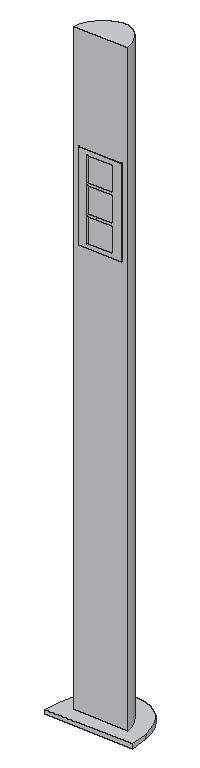
Revit family "Gira_134228", category Electrical Fixtures, host Face, Revit 2017
Family settings
  Host = Face
  Maintain Annotation Orientation = Yes
  Round Connector Dimension = Use Diameter
  Part Type = Normal
  Cut with Voids When Loaded = No
  Shared = No
  Room Calculation Point = No
Parameters (values of type "En.prof. light + 3x SCHUKO SH 769 mm Gira energy profile anthra.")
  Width = "0,142"
  URL = "http://katalog.gira.de/en/datenblatt.html?artikelnr=134228"
  Switching function = "None"
  Number of socket outlets = "2"
  Name = "En.prof. light + 3x SCHUKO SH 769 mm Gira energy profile anthra."
  Manufacturer URL = "https://www.gira.de/"
  Manufacturer = "Gira"
  Keynote = ""
  HeinzeBIM = "https://bimportal.heinze.de/bim/en-prof-light-3x-schuko-sh-769-mm-gira-energy-profile-anthra-/c846bcb2b9ba6979349cb83a501ac5e6c141c3db"
  Height = "0,769"
  HAN = "134228"
  GTIN = "4010337342281"
  Description = "769 mm light 3x SCHUKO SH E-pro AN,Gira energy profile with light element, height 769 mm,3 SCHUKO socket outlets with integrated enhanced contact protection (shutter) and symbol ,anthracite,Gira energy profile and light profiles with or without light elements for outdoor use. The profiles are made of powder-coated aluminium. For profiles of up to 1400 mm, the base elements are also made of powder-coated aluminium. For profiles of 1400 mm or more, the base elements are made of powder-coated steel. In each case, in the colour anthracite in accordance with the GSB standard. The surface is resistant to weather, UV, soiling, and scratching.,,Features:,- Gira energy profile with light element and three SCHUKO socket outlets.,- The light element consists of an aluminium reflector and an impact-resistant acrylic glass plate.,- Light is also emitted from the rear as orientation light.,- The top two socket outlets are rotated by 30.,- The connection is made using a 5-pole screw terminal for rigid and flexible conductors up to 4 mm 2.,,Notes :,- For profile heights up to 1400 mm, an optional ground anchor can be used to facilitate mounting on a stone or concrete base.,- For profile heights of more than 1400 mm, mounting on stone or concrete is only possible using 3 heavy-duty wall anchor.,- Recommendation: Mount an RCCB prior to the device.,- Single-wall plug mounting.,- Increased contact protection pursuant to DIN-VDE 0620-1.,- Light sources with E27 treading of the energy efficiency classes A++ to E can be used."
  Depth = "0,075"
  Default Elevation = 1219.2 mm
  Data sheet (1) = "https://katalog.gira.de/en/download.html?artikelnr=134228"
  Category = "Light/energy pole"
  BIM (1) = "https://media.stage.bim.site/public/gira/36a6b08/Energiesäule_3fach.rfa?public/gira/36a6b08/Energiesäule_3fach.rfa"
  Available = "No"
Reference planes
  plane 1 "Center (Front/Back)": y = 0
  plane 2: z = 0
  plane 3 "Center (Left/Right)": x = 0
Forms (mm)
  Extrusion 1, solid, detail levels fine
    sketch origin (0, 0, 0) x (1, 0, 0) y (0, 1, 0)
      loop
        arc (-110.443, -35.525) -> (-113.205, -58.763) -> (-114.575, -82.125) r 391.9
        line (-114.575, -82.125) -> (114.575, -82.125)
        arc (114.575, -82.125) -> (113.205, -58.763) -> (110.443, -35.525) r 391.9
        spline (110.443, -35.525) -> (103.119, -6.392) -> (90.176, 19.976) -> (72.318, 42.142) -> (50.519, 58.899) -> (25.967, 69.333) -> (0, 72.875) -> (-25.967, 69.333) -> (-50.519, 58.899) -> (-72.318, 42.142) -> (-90.176, 19.976) -> (-103.119, -6.392) -> (-110.443, -35.525)
      loop
        circle (-21, -1.125) r 16
      loop
        circle (21, -1.125) r 16
    from 0 to 10
  Extrusion 2, solid, detail levels medium+fine
    sketch origin (0, 0, 0) x (1, 0, 0) y (0, 1, 0)
      loop
        line (-71.007, -44.768) -> (71.007, -44.768)
        spline (71.007, -44.768) -> (69.375, -35.583) -> (66.984, -26.66) -> (63.862, -18.098) -> (60.041, -9.991) -> (55.564, -2.426) -> (50.479, 4.513) -> (44.843, 10.75) -> (38.716, 16.217) -> (32.167, 20.856) -> (25.265, 24.614) -> (18.088, 27.45) -> (10.713, 29.335)
        spline (10.713, 29.335) -> (8.658, 29.684) -> (6.596, 29.958) -> (4.528, 30.159) -> (2.457, 30.284) -> (0.384, 30.336) -> (-1.69, 30.312) -> (-3.762, 30.214) -> (-5.831, 30.041) -> (-7.896, 29.794) -> (-9.953, 29.473) -> (-12.003, 29.077) -> (-14.042, 28.609)
        spline (-14.042, 28.609) -> (-21.069, 26.397) -> (-27.883, 23.314) -> (-34.414, 19.39) -> (-40.597, 14.666) -> (-46.369, 9.189) -> (-51.67, 3.014) -> (-56.449, -3.796) -> (-60.655, -11.171) -> (-64.247, -19.038) -> (-67.189, -27.316) -> (-69.45, -35.922) -> (-71.007, -44.768)
    from 10 to 1606
  Extrusion 3, solid, detail levels fine
    sketch origin (0, 0, 0) x (1, 0, 0) y (0, 0, 1)
      loop
        line (-56, 1332) -> (-56, 1101.5) -> (56, 1101.5) -> (56, 1332) -> (-56, 1332)
      loop
        line (33.5, 1321.55) -> (-33.5, 1321.55) -> (-33.5, 1254.55) -> (33.5, 1254.55) -> (33.5, 1321.55)
      loop
        line (33.5, 1250.25) -> (-33.5, 1250.25) -> (-33.5, 1183.25) -> (33.5, 1183.25) -> (33.5, 1250.25)
      loop
        line (33.5, 1178.95) -> (-33.5, 1178.95) -> (-33.5, 1111.95) -> (33.5, 1111.95) -> (33.5, 1178.95)
    from 44.768 to 47
  Extrusion 4, solid, detail levels coarse
    sketch origin (0, 0, 0) x (1, 0, 0) y (0, 1, 0)
      loop
        line (114.575, 72.875) -> (-114.575, 72.875) -> (-114.575, -82.125) -> (114.575, -82.125) -> (114.575, 72.875)
    from 0 to 1616
  Extrusion 5, solid, detail levels medium
    sketch origin (0, 0, 0) x (1, 0, 0) y (0, 1, 0)
      loop
        arc (-110.443, -35.525) -> (-113.205, -58.763) -> (-114.575, -82.125) r 391.9
        line (-114.575, -82.125) -> (114.575, -82.125)
        arc (114.575, -82.125) -> (113.205, -58.763) -> (110.443, -35.525) r 391.9
        spline (110.443, -35.525) -> (103.119, -6.392) -> (90.176, 19.976) -> (72.318, 42.142) -> (50.519, 58.899) -> (25.967, 69.333) -> (0, 72.875) -> (-25.967, 69.333) -> (-50.519, 58.899) -> (-72.318, 42.142) -> (-90.176, 19.976) -> (-103.119, -6.392) -> (-110.443, -35.525)
    from 0 to 10
Dimensions and locks
  aligned and locked: plane 2 to host face
  aligned and locked: level to host face
  aligned and locked: plane 3 "Center (Left/Right)" to nested 1
  aligned and locked: plane 1 "Center (Front/Back)" to nested 1
Nested families
  nested 1: "Steckdose 3-fach Beschriftung" at (0, 0, 0), type "Steckdose 3-fach Beschriftung"
Connectors
  electrical at (0, -4.625, 0)
    settings: on Extrusion 4, index 1, voltage 220 V, apparent load 0 VA, apparent load phase1 0 VA, apparent load phase2 0 VA, apparent load phase3 0 VA, power factor 1, load classification "Other", number of poles 1, system type 30, power factor state 1, is connector primary yes, connector utility no, sub classification motor no, connector description ""
Definition of nested family "Steckdose 3-fach Beschriftung"
  Reference planes
    plane 1: y = 0
    plane 2: x = 0
  Lines and regions (mm)
    detail lines
      curve 1: line (0, 0, 0) -> (0, 2, 0)
      curve 2: line (-1, 2, 0) -> (1, 2, 0)
      curve 4: arc (-1, 3, 0) -> (0, 2, 0) -> (1, 3, 0) r 1
      curve 6: line (1, 2, 0) -> (3, 2, 0)
      curve 7: arc (1, 3, 0) -> (2, 2, 0) -> (3, 3, 0) r 1
      curve 8: line (-3, 2, 0) -> (-1, 2, 0)
      curve 9: arc (-3, 3, 0) -> (-2, 2, 0) -> (-1, 3, 0) r 1
    reference lines
      curve 3: line (-1.485, 3, 0) -> (1.315, 3, 0)
      curve 5: line (0, 1, 0) -> (-1, 1, 0)
  Dimensions and locks
    curve 1 to curve 1 = 2 mm
    curve 2 to curve 2 = 2 mm
    plane 1 to curve 3 = 3 mm
